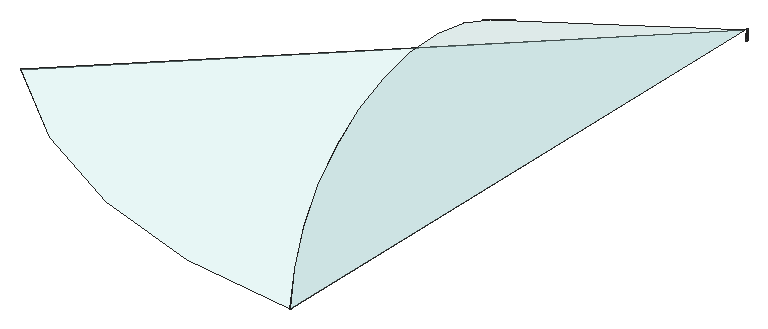
Revit family "Rotor 5000 Series - 5004+PC", category Acessórios do tubo, Revit 2020
Family settings
  Cota do conector redondo = Utilizar diâmetro
  Tipo de parte = Normal
  Número OmniClass = 23.60.30.11.14
  Título OmniClass = Pipework Fittings
  Com base no plano de trabalho = Não
  Sempre na vertical = Sim
  Corte com vazios quando carregada = Não
  Compartilhado = Não
Parameters (values of type "Rain Curtain 6.0")
  Water = Water
  URL = "https://www.rainbird.com/"
  TABLE 65 = "TABLE 65psi"
  TABLE 55 75 = "TABLE 55 75psi"
  TABLE 55 = "TABLE 55psi"
  TABLE 45 = "TABLE 45psi"
  TABLE 35 = "TABLE 35psi"
  TABLE 25 = "TABLE 25psi"
  SupportProjetos: Reviw Date = ""  # constant formula
  SupportProjetos: Reviw = "R00"  # constant formula
  SupportProjetos: Level of Detail = "LOD 300"  # constant formula
  SupportProjetos: Developed = "MICHEL SOARES MOTA"  # constant formula
  SupportProjetos: Creation Date = "07/08/2020"  # constant formula
  Side inlet = no
  Rotation Water Visibility [instance] = Pop up on  # yes
  Rotation Angle [instance] = 45.00°
  RainBird: Product Link = "https://www.rainbird.com/"
  RainBird: Description = "5004+PC Rotor "  # constant formula
  RainBird: Comment [instance] = ""
  RainBird: Code = "Y45000"  # constant formula
  Radius [instance] = if(and(Pressure = 25.0 psi, Instance < 25 ft), size_lookup(TABLE 25, "Radius", 0 ft, Instance), if(and(Pressure = 35.0 psi, Instance < 25 ft), size_lookup(TABLE 35, "Radius", 0 ft, Instance), if(and(Pressure = 45.0 psi, Instance < 25 ft), size_lookup(TABLE 45, "Radius", 0 ft, Instance), if(and(Pressure = 55.0 psi, Instance < 13 ft), size_lookup(TABLE 55, "Radius", 0 ft, Instance), if(and(Pressure = 65.0 psi, Instance < 13 ft), size_lookup(TABLE 65, "Radius", 0 ft, Instance), if(and(Pressure > 55.0 psi, Instance > 13 ft), size_lookup(TABLE 55 75, "Radius", 0 ft, Instance), 0 ft))))))  # 50 ft
  RT = 0.009893 ft
  RN = 0.032808 ft
  R5 = 0.03937 ft
  R4 = 0.04101 ft
  R3 = 0.065617 ft
  R2 = 0.075407 ft
  R1 = 0.032808 ft
  Pressure [instance] = 55.0 psi
  Pop up height = 0.334646 ft
  Pop up on [instance] = yes
  Modelo = "5004+PC"  # constant formula
  Instance = 7 ft
  H1 = Body height / 3  # 0.194663 ft
  Flow [instance] = if(and(Pressure = 25.0 psi, Instance < 25 ft), size_lookup(TABLE 25, "Flow", 0.0 GPM, Instance), if(and(Pressure = 35.0 psi, Instance < 25 ft), size_lookup(TABLE 35, "Flow", 0.0 GPM, Instance), if(and(Pressure = 45.0 psi, Instance < 25 ft), size_lookup(TABLE 45, "Flow", 0.0 GPM, Instance), if(and(Pressure = 55.0 psi, Instance < 13 ft), size_lookup(TABLE 55, "Flow", 0.0 GPM, Instance), if(and(Pressure = 65.0 psi, Instance < 13 ft), size_lookup(TABLE 65, "Flow", 0.0 GPM, Instance), if(and(Pressure > 55.0 psi, Instance > 13 ft), size_lookup(TABLE 55 75, "Flow", 0.0 GPM, Instance), 0.0 GPM))))))  # 6.63 GPM
  Fabricante = "Rain Bird"
  Elevação padrão = 0 ft
  Description = RainBird: Description  # "5004+PC Rotor "
  DD13 = 0.002625 ft
  DD12 = 0.003937 ft
  DD11 = 0.009897 ft
  DD10 = 0.016404 ft
  DD8 [instance] = if(Pop up on, Pop up height, 0 ft)  # 0.334646 ft
  DD7 = 0.019685 ft
  DD6 [instance] = 0.016404 ft
  DD5 = 0.065617 ft
  DD4 = 0.032808 ft
  DD3 = 0.091048 ft
  DD2 [instance] = 0.024514 ft
  DD9 [instance] = if(Pop up on, Pop up height + 0.049541 ft, 0 ft)  # 0.384186 ft
  DD1 = 0.006562 ft
  Conection = 0.062664 ft  # constant formula
  Body height = 0.58399 ft
  Blue = Blue Plastic
  Black Plastic = Black Plastic
  Angle = 25.00°
Types (25, lengths in ft): name | Rotation Angle | Radius | Pressure | Instance | Flow
  (no name) | 45.00° | 50 | 55.0 psi | 7 | 6.63 GPM
  Rain Curtain 1.5 | 180.00° | 33 | 25.0 psi | 1 | 1.12 GPM
  Rain Curtain 2.0 | 180.00° | 35 | 25.0 psi | 2 | 1.5 GPM
  Rain Curtain 3.0 | 180.00° | 36 | 25.0 psi | 4 | 2.26 GPM
  Rain Curtain 4.0 | 180.00° | 36 | 25.0 psi | 5 | 2.91 GPM
  Rain Curtain 5.0 | 180.00° | 37 | 25.0 psi | 6 | 3.72 GPM
  Rain Curtain 6.0 | 45.00° | 50 | 55.0 psi | 7 | 6.63 GPM
  Rain Curtain 8.0 | 180.00° | 33 | 25.0 psi | 8 | 5.9 GPM
  Rain Curtain 2.5 | 180.00° | 35 | 25.0 psi | 3 | 1.81 GPM
  1.0 LA | 180.00° | 25 | 25.0 psi | 9 | 0.76 GPM
  1.5 LA | 180.00° | 27 | 25.0 psi | 10 | 1.15 GPM
  2.0 LA | 180.00° | 29 | 25.0 psi | 11 | 1.47 GPM
  3.0 LA | 180.00° | 29 | 25.0 psi | 12 | 2.23 GPM
  PRS Rain Curtain 1.5 | 180.00° | 33 | 25.0 psi | 13 | 1.12 GPM
  PRS Rain Curtain 2.0 | 180.00° | 35 | 25.0 psi | 14 | 1.5 GPM
  PRS Rain Curtain 2.5 | 180.00° | 35 | 25.0 psi | 15 | 1.81 GPM
  PRS Rain Curtain 3.0 | 180.00° | 36 | 25.0 psi | 16 | 2.26 GPM
  PRS Rain Curtain 4.0 | 180.00° | 36 | 25.0 psi | 17 | 2.91 GPM
  PRS Rain Curtain 5.0 | 180.00° | 37 | 25.0 psi | 18 | 3.72 GPM
  PRS Rain Curtain 6.0 | 180.00° | 37 | 25.0 psi | 19 | 4.25 GPM
  PRS Rain Curtain 8.0 | 180.00° | 33 | 25.0 psi | 20 | 5.9 GPM
  PRS 1.0 LA | 180.00° | 25 | 25.0 psi | 21 | 0.76 GPM
  PRS 1.5 LA | 180.00° | 27 | 25.0 psi | 22 | 1.15 GPM
  PRS 2.0 LA | 180.00° | 29 | 25.0 psi | 23 | 1.47 GPM
  PRS 3.0 LA | 180.00° | 29 | 25.0 psi | 24 | 2.23 GPM
Reference planes (ft)
  plane 1 "Centro (Frente/Trás)": y = 0
  plane 2: z = 0
  plane 3 "Centro (Esquerda/Direita)": x = 0
  plane 4: z = 0.003937
  plane 5: z = 0.002625
  plane 6: y = -0.065617
Forms (ft)
  Revolve 1, solid, material "Black Plastic" <- "Black Plastic"
    sketch origin (0, 0, 0) x (1, 0, 0) y (0, 0, 1)
      loop
        line (0.075407, -0.091048) -> (0.075407, -0.035324)
        arc (0.075407, -0.035324) -> (0.072509, -0.028329) -> (0.065514, -0.025431) r 0.009893
        line (0.065514, -0.025431) -> (0.046098, -0.025431) -> (0.046098, 0) -> (0.03937, 0) -> (0.03937, -0.334646) -> (0.019685, -0.334646) -> (0.019685, -0.577428) -> (0.032808, -0.577428) -> (0.032808, -0.58399) -> (0.04101, -0.58399) -> (0.04101, -0.577428) -> (0.055724, -0.577428)
        arc (0.055724, -0.577428) -> (0.062719, -0.57453) -> (0.065617, -0.567535) r 0.009893
        line (0.065617, -0.567535) -> (0.065617, -0.091048) -> (0.075407, -0.091048)
      axis (0, -0.58399) -> (0, 0)
    angle from 0 to 360
  Extrusion 2, solid, material "Black Plastic" <- "Black Plastic"
    sketch origin (0, 0, 0) x (1, 0, 0) y (0, 1, 0)
      loop
        circle (0, 0) r 0.032808
    from -0.334646 to 0.334646
  Extrusion 3, void
    sketch origin (0, 0, 0) x (1, 0, 0) y (0, 1, 0)
      loop
        circle (0, 0) r 0.022844
    from -0.334646 to 0.334646
  Revolve 4, solid, material "Black Plastic" <- "Black Plastic"
    sketch origin (0, 0, 0) x (1, 0, 0) y (0, 0, 1)
      loop
        line (0, 0.334646) -> (0.037004, 0.334646) -> (0.037004, 0.344543)
        arc (0.037004, 0.344543) -> (0.01879, 0.349436) -> (0, 0.35105) r 0.10685
        line (0, 0.35105) -> (0, 0.334646)
      axis (0, 0.334646) -> (0, 0.35105)
    angle from 0 to 360
  Extrusion 5, solid, material "Blue Plastic" <- "Blue"
    sketch origin (0, 0, 0) x (1, 0, 0) y (0, 0, 1)
      loop
        circle (0, 0.310131) r 0.009129
      loop
        circle (0, 0.310131) r 0.004793
    from 0 to 0.034386
  Extrusion 6, void
    sketch origin (0, 0, 0) x (1, 0, 0) y (0, 0, 1)
      loop
        line (-0.02074, 0.328055) -> (-0.02074, 0.282426) -> (0.020672, 0.282426) -> (0.020672, 0.328055) -> (-0.02074, 0.328055)
      loop
        line (-0.018439, 0.325179) -> (-0.018439, 0.285685) -> (0.018179, 0.285685) -> (0.018179, 0.325179) -> (-0.018439, 0.325179)
    from 0.024556 to 0.06931
  Extrusion 7, solid, material "Black Plastic" <- "Black Plastic"
    sketch origin (0, 0, 0) x (1, 0, 0) y (0, 0, 1)
      loop
        line (0.046098, 0) -> (0.046098, -0.036876) -> (0.073493, -0.036876) -> (0.046098, 0)
    from -0.002998 to 0.002998
  Extrusion 8, solid, material "Black Plastic" <- "Black Plastic"
    sketch origin (0, 0, 0) x (-1, 0, 0) y (0, 0, -1)
      loop
        line (0.046098, 0) -> (0.073493, 0.036876) -> (0.046098, 0.036876) -> (0.046098, 0)
    from -0.002998 to 0.002998
  Extrusion 9, solid, material "Black Plastic" <- "Black Plastic"
    sketch origin (0, 0, 0) x (0.866025, 0.5, 0) y (0, 0, 1)
      loop
        line (0.046098, 0) -> (0.046098, -0.036876) -> (0.073493, -0.036876) -> (0.046098, 0)
    from -0.002998 to 0.002998
  Extrusion 10, solid, material "Black Plastic" <- "Black Plastic"
    sketch origin (0, 0, 0) x (-0.866025, -0.5, 0) y (0, 0, -1)
      loop
        line (0.046098, 0) -> (0.073493, 0.036876) -> (0.046098, 0.036876) -> (0.046098, 0)
    from -0.002998 to 0.002998
  Extrusion 11, solid, material "Black Plastic" <- "Black Plastic"
    sketch origin (0, 0, 0) x (0, 1, 0) y (0, 0, 1)
      loop
        line (0.046098, 0) -> (0.046098, -0.036876) -> (0.073493, -0.036876) -> (0.046098, 0)
    from -0.002998 to 0.002998
  Extrusion 12, solid, material "Black Plastic" <- "Black Plastic"
    sketch origin (0, 0, 0) x (0, -1, 0) y (0, 0, -1)
      loop
        line (0.046098, 0) -> (0.073493, 0.036876) -> (0.046098, 0.036876) -> (0.046098, 0)
    from -0.002998 to 0.002998
  Extrusion 13, solid, material "Black Plastic" <- "Black Plastic"
    sketch origin (0, 0, 0) x (0.5, 0.866025, 0) y (0, 0, 1)
      loop
        line (0.046098, 0) -> (0.046098, -0.036876) -> (0.073493, -0.036876) -> (0.046098, 0)
    from -0.002998 to 0.002998
  Extrusion 14, solid, material "Black Plastic" <- "Black Plastic"
    sketch origin (0, 0, 0) x (-0.5, -0.866025, 0) y (0, 0, -1)
      loop
        line (0.046098, 0) -> (0.073493, 0.036876) -> (0.046098, 0.036876) -> (0.046098, 0)
    from -0.002998 to 0.002998
  Extrusion 15, solid, material "Black Plastic" <- "Black Plastic"
    sketch origin (0, 0, 0) x (-0.5, 0.866025, 0) y (0, 0, 1)
      loop
        line (0.046098, 0) -> (0.046098, -0.036876) -> (0.073493, -0.036876) -> (0.046098, 0)
    from -0.002998 to 0.002998
  Extrusion 16, solid, material "Black Plastic" <- "Black Plastic"
    sketch origin (0, 0, 0) x (0.5, -0.866025, 0) y (0, 0, -1)
      loop
        line (0.046098, 0) -> (0.073493, 0.036876) -> (0.046098, 0.036876) -> (0.046098, 0)
    from -0.002998 to 0.002998
  Extrusion 17, solid, material "Black Plastic" <- "Black Plastic"
    sketch origin (0, 0, 0) x (-0.866025, 0.5, 0) y (0, 0, 1)
      loop
        line (0.046098, 0) -> (0.046098, -0.036876) -> (0.073493, -0.036876) -> (0.046098, 0)
    from -0.002998 to 0.002998
  Extrusion 18, solid, material "Black Plastic" <- "Black Plastic"
    sketch origin (0, 0, 0) x (0.866025, -0.5, 0) y (0, 0, -1)
      loop
        line (0.046098, 0) -> (0.073493, 0.036876) -> (0.046098, 0.036876) -> (0.046098, 0)
    from -0.002998 to 0.002998
  Extrusion 19, void
    sketch origin (0, 0, 0) x (1, 0, 0) y (0, 1, 0)
      loop
        line (-0.002998, 0.077702) -> (-0.002998, 0.071655) -> (0.002998, 0.071655) -> (0.002998, 0.077702) -> (-0.002998, 0.077702)
    from -0.091048 to 0.82021
  Extrusion 20, void
    sketch origin (0, 0, 0) x (1, 0, 0) y (0, 1, 0)
      loop
        line (0.002998, -0.077702) -> (0.002998, -0.071655) -> (-0.002998, -0.071655) -> (-0.002998, -0.077702) -> (0.002998, -0.077702)
    from -0.091048 to 0.82021
  Extrusion 21, void
    sketch origin (0, 0, 0) x (0.965926, 0.258819, 0) y (-0.258819, 0.965926, 0)
      loop
        line (-0.002998, 0.077702) -> (-0.002998, 0.071655) -> (0.002998, 0.071655) -> (0.002998, 0.077702) -> (-0.002998, 0.077702)
    from -0.091048 to 0.82021
  Extrusion 22, void
    sketch origin (0, 0, 0) x (0.965926, 0.258819, 0) y (-0.258819, 0.965926, 0)
      loop
        line (0.002998, -0.077702) -> (0.002998, -0.071655) -> (-0.002998, -0.071655) -> (-0.002998, -0.077702) -> (0.002998, -0.077702)
    from -0.091048 to 0.82021
  Extrusion 23, void
    sketch origin (0, 0, 0) x (0.866025, 0.5, 0) y (-0.5, 0.866025, 0)
      loop
        line (-0.002998, 0.077702) -> (-0.002998, 0.071655) -> (0.002998, 0.071655) -> (0.002998, 0.077702) -> (-0.002998, 0.077702)
    from -0.091048 to 0.82021
  Extrusion 24, void
    sketch origin (0, 0, 0) x (0.866025, 0.5, 0) y (-0.5, 0.866025, 0)
      loop
        line (0.002998, -0.077702) -> (0.002998, -0.071655) -> (-0.002998, -0.071655) -> (-0.002998, -0.077702) -> (0.002998, -0.077702)
    from -0.091048 to 0.82021
  Extrusion 25, void
    sketch origin (0, 0, 0) x (0.5, 0.866025, 0) y (-0.866025, 0.5, 0)
      loop
        line (-0.002998, 0.077702) -> (-0.002998, 0.071655) -> (0.002998, 0.071655) -> (0.002998, 0.077702) -> (-0.002998, 0.077702)
    from -0.091048 to 0.82021
  Extrusion 26, void
    sketch origin (0, 0, 0) x (0.5, 0.866025, 0) y (-0.866025, 0.5, 0)
      loop
        line (0.002998, -0.077702) -> (0.002998, -0.071655) -> (-0.002998, -0.071655) -> (-0.002998, -0.077702) -> (0.002998, -0.077702)
    from -0.091048 to 0.82021
  Extrusion 27, void
    sketch origin (0, 0, 0) x (0.707107, 0.707107, 0) y (-0.707107, 0.707107, 0)
      loop
        line (-0.002998, 0.077702) -> (-0.002998, 0.071655) -> (0.002998, 0.071655) -> (0.002998, 0.077702) -> (-0.002998, 0.077702)
    from -0.091048 to 0.82021
  Extrusion 28, void
    sketch origin (0, 0, 0) x (0.707107, 0.707107, 0) y (-0.707107, 0.707107, 0)
      loop
        line (0.002998, -0.077702) -> (0.002998, -0.071655) -> (-0.002998, -0.071655) -> (-0.002998, -0.077702) -> (0.002998, -0.077702)
    from -0.091048 to 0.82021
  Extrusion 29, void
    sketch origin (0, 0, 0) x (0.258819, 0.965926, 0) y (-0.965926, 0.258819, 0)
      loop
        line (-0.002998, 0.077702) -> (-0.002998, 0.071655) -> (0.002998, 0.071655) -> (0.002998, 0.077702) -> (-0.002998, 0.077702)
    from -0.091048 to 0.82021
  Extrusion 30, void
    sketch origin (0, 0, 0) x (0.258819, 0.965926, 0) y (-0.965926, 0.258819, 0)
      loop
        line (0.002998, -0.077702) -> (0.002998, -0.071655) -> (-0.002998, -0.071655) -> (-0.002998, -0.077702) -> (0.002998, -0.077702)
    from -0.091048 to 0.82021
  Extrusion 31, void
    sketch origin (0, 0, 0) x (0, 1, 0) y (-1, 0, 0)
      loop
        line (-0.002998, 0.077702) -> (-0.002998, 0.071655) -> (0.002998, 0.071655) -> (0.002998, 0.077702) -> (-0.002998, 0.077702)
    from -0.091048 to 0.82021
  Extrusion 32, void
    sketch origin (0, 0, 0) x (0, 1, 0) y (-1, 0, 0)
      loop
        line (0.002998, -0.077702) -> (0.002998, -0.071655) -> (-0.002998, -0.071655) -> (-0.002998, -0.077702) -> (0.002998, -0.077702)
    from -0.091048 to 0.82021
  Extrusion 33, void
    sketch origin (0, 0, 0) x (-0.258819, 0.965926, 0) y (-0.965926, -0.258819, 0)
      loop
        line (-0.002998, 0.077702) -> (-0.002998, 0.071655) -> (0.002998, 0.071655) -> (0.002998, 0.077702) -> (-0.002998, 0.077702)
    from -0.091048 to 0.82021
  Extrusion 34, void
    sketch origin (0, 0, 0) x (-0.258819, 0.965926, 0) y (-0.965926, -0.258819, 0)
      loop
        line (0.002998, -0.077702) -> (0.002998, -0.071655) -> (-0.002998, -0.071655) -> (-0.002998, -0.077702) -> (0.002998, -0.077702)
    from -0.091048 to 0.82021
  Extrusion 35, void
    sketch origin (0, 0, 0) x (-0.5, 0.866025, 0) y (-0.866025, -0.5, 0)
      loop
        line (-0.002998, 0.077702) -> (-0.002998, 0.071655) -> (0.002998, 0.071655) -> (0.002998, 0.077702) -> (-0.002998, 0.077702)
    from -0.091048 to 0.82021
  Extrusion 36, void
    sketch origin (0, 0, 0) x (-0.5, 0.866025, 0) y (-0.866025, -0.5, 0)
      loop
        line (0.002998, -0.077702) -> (0.002998, -0.071655) -> (-0.002998, -0.071655) -> (-0.002998, -0.077702) -> (0.002998, -0.077702)
    from -0.091048 to 0.82021
  Extrusion 37, void
    sketch origin (0, 0, 0) x (-0.707107, 0.707107, 0) y (-0.707107, -0.707107, 0)
      loop
        line (-0.002998, 0.077702) -> (-0.002998, 0.071655) -> (0.002998, 0.071655) -> (0.002998, 0.077702) -> (-0.002998, 0.077702)
    from -0.091048 to 0.82021
  Extrusion 38, void
    sketch origin (0, 0, 0) x (-0.707107, 0.707107, 0) y (-0.707107, -0.707107, 0)
      loop
        line (0.002998, -0.077702) -> (0.002998, -0.071655) -> (-0.002998, -0.071655) -> (-0.002998, -0.077702) -> (0.002998, -0.077702)
    from -0.091048 to 0.82021
  Extrusion 39, void
    sketch origin (0, 0, 0) x (-0.866025, 0.5, 0) y (-0.5, -0.866025, 0)
      loop
        line (-0.002998, 0.077702) -> (-0.002998, 0.071655) -> (0.002998, 0.071655) -> (0.002998, 0.077702) -> (-0.002998, 0.077702)
    from -0.091048 to 0.82021
  Extrusion 40, void
    sketch origin (0, 0, 0) x (-0.866025, 0.5, 0) y (-0.5, -0.866025, 0)
      loop
        line (0.002998, -0.077702) -> (0.002998, -0.071655) -> (-0.002998, -0.071655) -> (-0.002998, -0.077702) -> (0.002998, -0.077702)
    from -0.091048 to 0.82021
  Extrusion 41, void
    sketch origin (0, 0, 0) x (-0.965926, 0.258819, 0) y (-0.258819, -0.965926, 0)
      loop
        line (-0.002998, 0.077702) -> (-0.002998, 0.071655) -> (0.002998, 0.071655) -> (0.002998, 0.077702) -> (-0.002998, 0.077702)
    from -0.091048 to 0.82021
  Extrusion 42, void
    sketch origin (0, 0, 0) x (-0.965926, 0.258819, 0) y (-0.258819, -0.965926, 0)
      loop
        line (0.002998, -0.077702) -> (0.002998, -0.071655) -> (-0.002998, -0.071655) -> (-0.002998, -0.077702) -> (0.002998, -0.077702)
    from -0.091048 to 0.82021
  Extrusion 43, solid, material "Water" <- "Water", visible <- "Rotation Water Visibility"
    sketch origin (0, 0, 0) x (0, 1, 0) y (0, 0, 1)
      loop
        line (-0.032808, 0.310131) -> (-28.112196, 13.403765)
        arc (-28.112196, 13.403765) -> (-42.542576, 12.666347) -> (-50.032808, 0.310131) r 15.426605
        line (-50.032808, 0.310131) -> (-0.032808, 0.310131)
    from -0.008202 to 0.008202
Cuts and joins
  Extrusion 3, Extrusion 6 cuts Extrusion 2
  Extrusion 19, Extrusion 20, Extrusion 21, Extrusion 22, Extrusion 23, Extrusion 24, Extrusion 25, Extrusion 26, Extrusion 27, Extrusion 28, Extrusion 29, Extrusion 30, Extrusion 31, Extrusion 32, Extrusion 33, Extrusion 34, Extrusion 35, Extrusion 36, Extrusion 37, Extrusion 38, Extrusion 39, Extrusion 40, Extrusion 41, Extrusion 42 cuts Revolve 1
Dimensions and locks (ft)
  "Body height": level to Revolve 1 sketch curve
  "R2": Revolve 1 sketch curve to plane 3 "Centro (Esquerda/Direita)"
  "DD1": Revolve 1 sketch curve to Revolve 1 sketch curve
  "DD3": level to Revolve 1 sketch curve
  Revolve 1 sketch curve to plane 3 "Centro (Esquerda/Direita)" = 0.065617 ft
  "R4": Revolve 1 sketch curve to plane 3 "Centro (Esquerda/Direita)"
  "RN": Revolve 1 sketch curve to plane 3 "Centro (Esquerda/Direita)"
  "Pop up height": level to Revolve 1 sketch curve
  "R5": plane 3 "Centro (Esquerda/Direita)" to Revolve 1 sketch curve
  "DD7": Revolve 1 sketch curve to plane 3 "Centro (Esquerda/Direita)"
  "DD8": Extrusion 2 to level
  "DD12": plane 4 to level
  "DD13": plane 5 to level
  "R3": plane 6 to plane 1 "Centro (Frente/Trás)"
  "DD5": Revolve 1 sketch curve to Revolve 1 sketch curve
  "DD10": Revolve 4 sketch curve to Revolve 4 sketch curve
  "DD11": Revolve 4 sketch curve to Revolve 4 sketch curve
  "DD2": Revolve 4 to Extrusion 5 sketch curve  (x2)
  Extrusion 7 to plane 3 "Centro (Esquerda/Direita)" = 0.046098 ft
  equal spacing: Extrusion 7, plane 1 "Centro (Frente/Trás)", Extrusion 7
  Extrusion 8 to Extrusion 8 = 0.005995 ft
  Extrusion 9 to Extrusion 9 = 0.005995 ft
  Extrusion 20 sketch curve to Extrusion 20 sketch curve = 0.005995 ft
  Extrusion 22 sketch curve to Extrusion 22 sketch curve = 0.005995 ft
  Extrusion 24 sketch curve to Extrusion 24 sketch curve = 0.005995 ft
  Extrusion 26 sketch curve to Extrusion 26 sketch curve = 0.005995 ft
  Extrusion 28 sketch curve to Extrusion 28 sketch curve = 0.005995 ft
  Extrusion 30 sketch curve to Extrusion 30 sketch curve = 0.005995 ft
  Extrusion 32 sketch curve to Extrusion 32 sketch curve = 0.005995 ft
  Extrusion 34 sketch curve to Extrusion 34 sketch curve = 0.005995 ft
  Extrusion 36 sketch curve to Extrusion 36 sketch curve = 0.005995 ft
  Extrusion 38 sketch curve to Extrusion 38 sketch curve = 0.005995 ft
  Extrusion 40 sketch curve to Extrusion 40 sketch curve = 0.005995 ft
  Extrusion 42 sketch curve to Extrusion 42 sketch curve = 0.005995 ft
  "DD4": plane 1 "Centro (Frente/Trás)" to Extrusion 43 sketch curve
  "DD2": Revolve 4 to Extrusion 43 sketch curve
  "Radius": Extrusion 43 sketch curve to Extrusion 43 sketch curve
  equal spacing: Extrusion 43, plane 3 "Centro (Esquerda/Direita)", Extrusion 43
  "DD6": Extrusion 43 to Extrusion 43
  "DD2": Revolve 4 to nested 1
  "RT": radius of Revolve 1 sketch curve  (x2)
  "R1": radius of Extrusion 2 sketch curve
  "Angle": angle Extrusion 43 sketch curve to Extrusion 43 sketch curve
  aligned and locked: level to plane 2
  aligned and locked: Revolve 1 sketch curve to Revolve 1 sketch curve
  aligned and locked: Extrusion 2 to Revolve 1
  aligned and locked: cut or joined group of Extrusion 2, Extrusion 3, Extrusion 6 to cut or joined group of Extrusion 2, Extrusion 3, Extrusion 6  (x2)
  aligned and locked: Revolve 4 sketch curve to cut or joined group of Extrusion 2, Extrusion 3, Extrusion 6
  aligned and locked: Extrusion 20 to Revolve 1
  aligned and locked: Extrusion 22 to Revolve 1
  aligned and locked: Extrusion 24 to Revolve 1
  aligned and locked: Extrusion 28 to Revolve 1
  aligned and locked: Extrusion 26 to Revolve 1
  aligned and locked: Extrusion 30 to Revolve 1
  aligned and locked: Extrusion 32 to Revolve 1
  aligned and locked: Extrusion 34 to Revolve 1
  aligned and locked: Revolve 1 to Extrusion 36
  aligned and locked: Revolve 1 to Extrusion 38
  aligned and locked: Extrusion 41 to Revolve 1
  aligned and locked: Extrusion 39 to Revolve 1
  aligned and locked: Extrusion 37 to Revolve 1
  aligned and locked: Extrusion 35 to Revolve 1
  aligned and locked: Extrusion 33 to Revolve 1
  aligned and locked: Extrusion 31 to Revolve 1
  aligned and locked: Extrusion 29 to Revolve 1
  aligned and locked: Revolve 1 to Extrusion 25
  aligned and locked: Revolve 1 to Extrusion 27
  aligned and locked: Revolve 1 to Extrusion 19
  aligned and locked: Revolve 1 to Extrusion 21
  aligned and locked: Revolve 1 to Extrusion 42
  aligned and locked: Revolve 1 to Extrusion 40
  aligned and locked: Revolve 1 to Extrusion 23
Automatic sketch dimensions
  plane 1 "Centro (Frente/Trás)" to Extrusion 2 sketch curve = 0 ft
  Extrusion 2 sketch curve to plane 3 "Centro (Esquerda/Direita)" = 0 ft
  plane 1 "Centro (Frente/Trás)" to Extrusion 3 sketch curve = 0 ft
  Extrusion 3 sketch curve to plane 3 "Centro (Esquerda/Direita)" = 0 ft
  Revolve 4 sketch curve to plane 3 "Centro (Esquerda/Direita)" = 0 ft  (x2)
  plane 3 "Centro (Esquerda/Direita)" to Revolve 4 sketch curve = 0.000284 ft
  plane 3 "Centro (Esquerda/Direita)" to Revolve 4 sketch curve = 0.037004 ft
  Revolve 4 sketch curve to Revolve 4 sketch curve = 0.015719 ft
  Revolve 4 sketch curve to Revolve 4 sketch curve = 0.114829 ft
  Extrusion 5 sketch curve to Extrusion 5 sketch curve = 0 ft
  Extrusion 5 sketch curve to plane 3 "Centro (Esquerda/Direita)" = 0 ft
  Extrusion 6 sketch curve to plane 3 "Centro (Esquerda/Direita)" = 0.02074 ft
  Extrusion 6 sketch curve to Extrusion 6 sketch curve = 0.002301 ft
  plane 3 "Centro (Esquerda/Direita)" to Extrusion 6 sketch curve = 0.018179 ft
  Extrusion 6 sketch curve to Extrusion 6 sketch curve = 0.002492 ft
  plane 4 to Extrusion 6 sketch curve = 0.278489 ft
  Extrusion 6 sketch curve to Extrusion 6 sketch curve = 0.003259 ft
  Extrusion 6 sketch curve to Extrusion 6 sketch curve = 0.039494 ft
  Extrusion 6 sketch curve to Extrusion 6 sketch curve = 0.002876 ft
  Extrusion 7 sketch curve to level = 0 ft
  plane 3 "Centro (Esquerda/Direita)" to Extrusion 7 sketch curve = 0.046098 ft
  Extrusion 7 sketch curve to Extrusion 7 sketch curve = 0.027396 ft
  Extrusion 7 sketch curve to Extrusion 7 sketch curve = 0.036876 ft
  Extrusion 8 sketch curve to level = 0 ft
  plane 3 "Centro (Esquerda/Direita)" to Extrusion 8 sketch curve = 0.046098 ft
  Extrusion 8 sketch curve to Extrusion 8 sketch curve = 0.027396 ft
  Extrusion 8 sketch curve to Extrusion 8 sketch curve = 0.036876 ft
  Extrusion 9 sketch curve to level = 0 ft
  Extrusion 9 sketch curve to level = 0.036876 ft
  Extrusion 9 sketch curve to Extrusion 9 sketch curve = 0.027396 ft
  Extrusion 10 sketch curve to level = 0 ft
  Extrusion 10 sketch curve to level = 0.036876 ft
  Extrusion 10 sketch curve to Extrusion 10 sketch curve = 0.027396 ft
  Extrusion 11 sketch curve to level = 0 ft
  Extrusion 11 sketch curve to plane 1 "Centro (Frente/Trás)" = 0.046098 ft
  Extrusion 11 sketch curve to Extrusion 11 sketch curve = 0.027396 ft
  Extrusion 11 sketch curve to Extrusion 11 sketch curve = 0.036876 ft
  Extrusion 12 sketch curve to level = 0 ft
  plane 6 to Extrusion 12 sketch curve = 0.019519 ft
  Extrusion 12 sketch curve to plane 6 = 0.007877 ft
  Extrusion 12 sketch curve to level = 0.036876 ft
  Extrusion 13 sketch curve to level = 0 ft
  Extrusion 13 sketch curve to level = 0.036876 ft
  Extrusion 13 sketch curve to Extrusion 13 sketch curve = 0.027396 ft
  Extrusion 14 sketch curve to level = 0 ft
  Extrusion 14 sketch curve to level = 0.036876 ft
  Extrusion 14 sketch curve to Extrusion 14 sketch curve = 0.027396 ft
  level to Extrusion 15 sketch curve = 0 ft
  Extrusion 15 sketch curve to level = 0.036876 ft
  Extrusion 15 sketch curve to Extrusion 15 sketch curve = 0.027396 ft
  level to Extrusion 16 sketch curve = 0 ft
  Extrusion 16 sketch curve to level = 0.036876 ft
  Extrusion 16 sketch curve to Extrusion 16 sketch curve = 0.027396 ft
  level to Extrusion 17 sketch curve = 0 ft
  Extrusion 17 sketch curve to level = 0.036876 ft
  Extrusion 17 sketch curve to Extrusion 17 sketch curve = 0.027396 ft
  level to Extrusion 18 sketch curve = 0 ft
  Extrusion 18 sketch curve to level = 0.036876 ft
  Extrusion 18 sketch curve to Extrusion 18 sketch curve = 0.027396 ft
  Extrusion 19 sketch curve to plane 3 "Centro (Esquerda/Direita)" = 0.002998 ft
  Extrusion 19 sketch curve to plane 1 "Centro (Frente/Trás)" = 0.071655 ft
  Extrusion 19 sketch curve to Extrusion 19 sketch curve = 0.006047 ft
  plane 3 "Centro (Esquerda/Direita)" to Extrusion 20 sketch curve = 0.002998 ft
  plane 6 to Extrusion 20 sketch curve = 0.006038 ft
  Extrusion 20 sketch curve to Extrusion 20 sketch curve = 0.006047 ft
  plane 3 "Centro (Esquerda/Direita)" to Extrusion 19 sketch curve = 0.002998 ft
  Extrusion 21 sketch curve to plane 3 "Centro (Esquerda/Direita)" = 0.021441 ft
  Extrusion 21 sketch curve to plane 1 "Centro (Frente/Trás)" = 0.068438 ft
  Extrusion 21 sketch curve to Extrusion 21 sketch curve = 0.005995 ft
  Extrusion 21 sketch curve to Extrusion 21 sketch curve = 0.006047 ft
  Extrusion 22 sketch curve to plane 6 = 0.010213 ft
  plane 3 "Centro (Esquerda/Direita)" to Extrusion 22 sketch curve = 0.017215 ft
  Extrusion 22 sketch curve to Extrusion 22 sketch curve = 0.006047 ft
  Extrusion 23 sketch curve to plane 3 "Centro (Esquerda/Direita)" = 0.038424 ft
  Extrusion 23 sketch curve to plane 1 "Centro (Frente/Trás)" = 0.060556 ft
  Extrusion 23 sketch curve to Extrusion 23 sketch curve = 0.005995 ft
  Extrusion 23 sketch curve to Extrusion 23 sketch curve = 0.006047 ft
  Extrusion 24 sketch curve to plane 6 = 0.003174 ft
  plane 3 "Centro (Esquerda/Direita)" to Extrusion 24 sketch curve = 0.036255 ft
  Extrusion 24 sketch curve to Extrusion 24 sketch curve = 0.006047 ft
  Extrusion 25 sketch curve to plane 1 "Centro (Frente/Trás)" = 0.033231 ft
  Extrusion 25 sketch curve to plane 3 "Centro (Esquerda/Direita)" = 0.063554 ft
  Extrusion 25 sketch curve to Extrusion 25 sketch curve = 0.005995 ft
  Extrusion 25 sketch curve to Extrusion 25 sketch curve = 0.006047 ft
  Extrusion 26 sketch curve to plane 6 = 0.02417 ft
  Extrusion 26 sketch curve to plane 3 "Centro (Esquerda/Direita)" = 0.065793 ft
  Extrusion 26 sketch curve to Extrusion 26 sketch curve = 0.006047 ft
  Extrusion 27 sketch curve to plane 1 "Centro (Frente/Trás)" = 0.048548 ft
  Extrusion 27 sketch curve to plane 3 "Centro (Esquerda/Direita)" = 0.052787 ft
  Extrusion 27 sketch curve to Extrusion 27 sketch curve = 0.005995 ft
  Extrusion 27 sketch curve to Extrusion 27 sketch curve = 0.006047 ft
  plane 6 to Extrusion 28 sketch curve = 0.008554 ft
  plane 3 "Centro (Esquerda/Direita)" to Extrusion 28 sketch curve = 0.052824 ft
  Extrusion 28 sketch curve to Extrusion 28 sketch curve = 0.006047 ft
  Extrusion 29 sketch curve to plane 1 "Centro (Frente/Trás)" = 0.01565 ft
  Extrusion 29 sketch curve to plane 3 "Centro (Esquerda/Direita)" = 0.069989 ft
  Extrusion 29 sketch curve to Extrusion 29 sketch curve = 0.005995 ft
  Extrusion 29 sketch curve to Extrusion 29 sketch curve = 0.006047 ft
  plane 1 "Centro (Frente/Trás)" to Extrusion 30 sketch curve = 0.023006 ft
  plane 3 "Centro (Esquerda/Direita)" to Extrusion 30 sketch curve = 0.074278 ft
  Extrusion 30 sketch curve to Extrusion 30 sketch curve = 0.006047 ft
  plane 1 "Centro (Frente/Trás)" to Extrusion 31 sketch curve = 0.002998 ft
  Extrusion 31 sketch curve to plane 1 "Centro (Frente/Trás)" = 0.002998 ft
  Extrusion 31 sketch curve to plane 3 "Centro (Esquerda/Direita)" = 0.071655 ft
  Extrusion 31 sketch curve to Extrusion 31 sketch curve = 0.006047 ft
  plane 1 "Centro (Frente/Trás)" to Extrusion 32 sketch curve = 0.002998 ft
  plane 3 "Centro (Esquerda/Direita)" to Extrusion 32 sketch curve = 0.077702 ft
  Extrusion 32 sketch curve to Extrusion 32 sketch curve = 0.006047 ft
  plane 1 "Centro (Frente/Trás)" to Extrusion 33 sketch curve = 0.021441 ft
  Extrusion 33 sketch curve to plane 3 "Centro (Esquerda/Direita)" = 0.068438 ft
  Extrusion 33 sketch curve to Extrusion 33 sketch curve = 0.005995 ft
  Extrusion 33 sketch curve to Extrusion 33 sketch curve = 0.006047 ft
  Extrusion 34 sketch curve to plane 1 "Centro (Frente/Trás)" = 0.017215 ft
  plane 3 "Centro (Esquerda/Direita)" to Extrusion 34 sketch curve = 0.07583 ft
  Extrusion 34 sketch curve to Extrusion 34 sketch curve = 0.006047 ft
  plane 6 to Extrusion 35 sketch curve = 0.027193 ft
  Extrusion 35 sketch curve to plane 3 "Centro (Esquerda/Direita)" = 0.060556 ft
  Extrusion 35 sketch curve to Extrusion 35 sketch curve = 0.005995 ft
  Extrusion 35 sketch curve to Extrusion 35 sketch curve = 0.006047 ft
  Extrusion 36 sketch curve to plane 1 "Centro (Frente/Trás)" = 0.036255 ft
  plane 3 "Centro (Esquerda/Direita)" to Extrusion 36 sketch curve = 0.068791 ft
  Extrusion 36 sketch curve to Extrusion 36 sketch curve = 0.006047 ft
  plane 6 to Extrusion 37 sketch curve = 0.012829 ft
  Extrusion 37 sketch curve to plane 3 "Centro (Esquerda/Direita)" = 0.048548 ft
  Extrusion 37 sketch curve to Extrusion 37 sketch curve = 0.005995 ft
  Extrusion 37 sketch curve to Extrusion 37 sketch curve = 0.006047 ft
  Extrusion 38 sketch curve to plane 1 "Centro (Frente/Trás)" = 0.052824 ft
  plane 3 "Centro (Esquerda/Direita)" to Extrusion 38 sketch curve = 0.057063 ft
  Extrusion 38 sketch curve to Extrusion 38 sketch curve = 0.006047 ft
  plane 6 to Extrusion 39 sketch curve = 0.002063 ft
  Extrusion 39 sketch curve to plane 3 "Centro (Esquerda/Direita)" = 0.033231 ft
  Extrusion 39 sketch curve to Extrusion 39 sketch curve = 0.005995 ft
  Extrusion 39 sketch curve to Extrusion 39 sketch curve = 0.006047 ft
  plane 3 "Centro (Esquerda/Direita)" to Extrusion 40 sketch curve = 0.041447 ft
  Extrusion 40 sketch curve to plane 1 "Centro (Frente/Trás)" = 0.065793 ft
  Extrusion 40 sketch curve to Extrusion 40 sketch curve = 0.006047 ft
  Extrusion 41 sketch curve to plane 6 = 0.004372 ft
  Extrusion 41 sketch curve to plane 3 "Centro (Esquerda/Direita)" = 0.01565 ft
  Extrusion 41 sketch curve to Extrusion 41 sketch curve = 0.005995 ft
  Extrusion 41 sketch curve to Extrusion 41 sketch curve = 0.006047 ft
  plane 3 "Centro (Esquerda/Direita)" to Extrusion 42 sketch curve = 0.023006 ft
  Extrusion 42 sketch curve to plane 1 "Centro (Frente/Trás)" = 0.074278 ft
  Extrusion 42 sketch curve to Extrusion 42 sketch curve = 0.006047 ft
  Revolve 1 sketch curve to plane 3 "Centro (Esquerda/Direita)" = 0 ft
  Revolve 1 sketch curve to level = 0 ft
  Revolve 1 sketch curve to Revolve 1 sketch curve = 0.019416 ft
  plane 4 to Revolve 1 sketch curve = 0.079347 ft
  Revolve 1 sketch curve to Revolve 1 sketch curve = 0.918635 ft
  Extrusion 43 sketch curve to level = 0.577487 ft
  radius of Extrusion 3 sketch curve = 0.022844 ft
  radius of Extrusion 5 sketch curve = 0.009129 ft
  radius of Extrusion 5 sketch curve = 0.004793 ft
Nested families (ft)
  nested 1: "Water" at (0.000149, 0, 0.190873) x (0, -1, 0) z (0, 0, 1), DT9 <- "DD4", Radius <- "Radius", visible <- "Rotation Water Visibility", Rotation Angle <- "Rotation Angle", type "Water"
    with Rotation Angle 45.00°, Radius 50 ft, DT9 0.032808 ft, DT8 0 ft, DT7 200 ft, DT4 250 ft, Angle 2 315.00°
Connectors (ft)
  piping at (0, 0, -0.58399), diameter 2
    settings: on cut or joined group of Revolve 1, Extrusion 19, Extrusion 20, Extrusion 21, Extrusion 22, Extrusion 23, Extrusion 24, Extrusion 25, Extrusion 26, Extrusion 27, Extrusion 28, Extrusion 29, Extrusion 30, Extrusion 31, Extrusion 32, Extrusion 33, Extrusion 34, Extrusion 35, Extrusion 36, Extrusion 37, Extrusion 38, Extrusion 39, Extrusion 40, Extrusion 41, Extrusion 42, index 1, connector inside diameter 609.6 mm, connector length 0 ft, flow factor 0, pipe flow 0.0 GPM, pressure drop 0.0 psi, fitting loss kfactor 0, connector angle 0.00°, fixture units 0, engagement length 0 ft, angle of deflection 0.00°, flow configuration 0, flow direction 0, fitting loss method 0, system type 28, joint type 0, gender type 0, connector reference index -1, connector utility 0, adjustable connector no, is connector primary yes, connector description ""
Definition of nested family "Water"
  Parameters (values of type "Water")
    Water Visibility (Circle) = yes
    Water = none
    URL = ""
    SupportProjetos: Reviw Date = ""  # constant formula
    SupportProjetos: Level of Detail = "LOD 300"  # constant formula
    SupportProjetos: Developed = "MICHEL SOARES MOTA"  # constant formula
    SupportProjetos: Creation Date = "16/07/2020"  # constant formula
    Rotation Angle [instance] = 90.00°
    Reviw = "R00"  # constant formula
    Radius [instance] = 14 ft
    Model = ""
    Default Elevation = 4 ft
    Description = ""
    DT9 [instance] = 0.032808 ft
    DT8 [instance] = if(Rotation Angle = 360.00°, 10 ft, 0 ft)  # 0 ft
    DT7 [instance] = 4 * Radius  # 56 ft
    DT4 [instance] = 5 * Radius  # 70 ft
    DT2 = 0.098425 ft  # constant formula
    DT6 = 0 ft
    Angle 2 [instance] = if(Rotation Angle = 360.00°, 180.00°, 360.00° - Rotation Angle)  # 270.00°
  Reference planes (ft)
    plane 1 "Centro (Frente/Trás)": y = 0
    plane 2: z = 0
    plane 3 "Centro (Esquerda/Direita)": x = 0
  Forms (ft)
    Revolve 1, solid, material <- "Water", visible <- "Water Visibility (Circle)"
      sketch origin (0, 0, 0) x (1, 0, 0) y (0, 0, 1)
        loop
          line (0.032808, 0.098425) -> (14.032808, 0.098425) -> (14.032808, 0.119259) -> (0.032808, 0.119259) -> (0.032808, 0.098425)
        axis (0, 0.098425) -> (0, 0.119259)
      angle from 0 to 360
    Extrusion 2, void
      sketch origin (0, 0, 0) x (1, 0, 0) y (0, 1, 0)
        loop
          line (0, 0) -> (70, 0) -> (70, 56)
          arc (70, 56) -> (-70.459018, 51.588344) -> (0, -70) r 81.847109
          line (0, -70) -> (0, 0)
      from 0 to 15.189231
  Cuts and joins
    Extrusion 2 cuts Revolve 1
  Dimensions and locks (ft)
    "DT2": Revolve 1 sketch curve to level
    "DT4": Extrusion 2 sketch curve to Extrusion 2 sketch curve  (x2)
    "DT6": Extrusion 2 sketch curve to plane 3 "Centro (Esquerda/Direita)"
    "DT7": Extrusion 2 sketch curve to Extrusion 2 sketch curve
    "DT8": cut or joined group of Revolve 1, Extrusion 2 to level
    "Radius": Revolve 1 sketch curve to Revolve 1 sketch curve
    "DT9": Revolve 1 sketch curve to plane 3 "Centro (Esquerda/Direita)"
    "Angle 2": angle Extrusion 2 sketch curve to Extrusion 2 sketch curve
    aligned and locked: level to plane 2
    aligned and locked: plane 1 "Centro (Frente/Trás)" to Extrusion 2 sketch curve
  Automatic sketch dimensions
    plane 3 "Centro (Esquerda/Direita)" to Extrusion 2 sketch curve = 1.088227 ft
    Revolve 1 sketch curve to plane 3 "Centro (Esquerda/Direita)" = 0 ft
    Revolve 1 sketch curve to Revolve 1 sketch curve = 0.020833 ft
    Revolve 1 sketch curve to Revolve 1 sketch curve = 0.032113 ft
    Revolve 1 sketch curve to Revolve 1 sketch curve = 10.2693 ft
